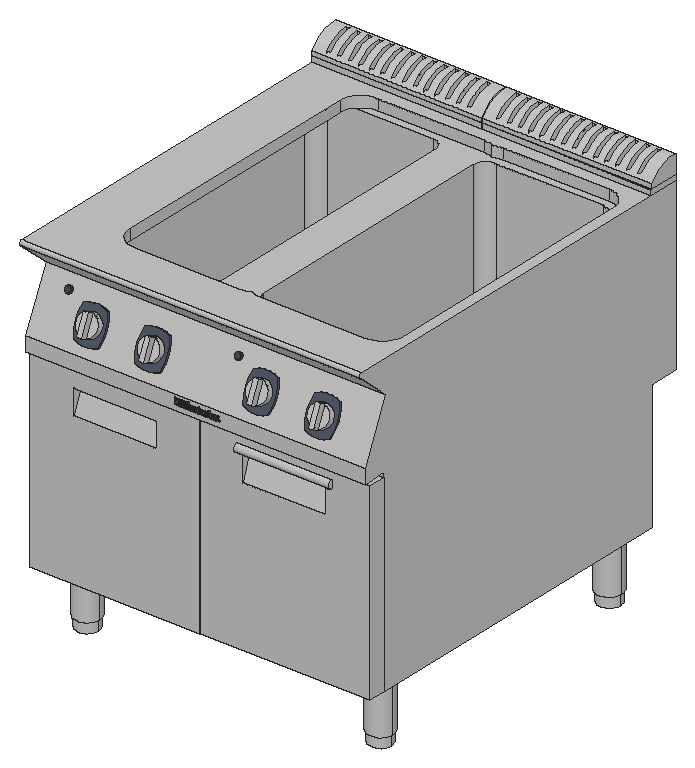
Revit family "QF_ELECTROLUXPROFESSIONAL_391411_E9OODSBAME", category Specialty Equipment, Revit 2018 (continued)
Automatic sketch dimensions
  Extrusion 5 sketch curve to Extrusion 5 sketch curve = 0.826 mm
  Extrusion 5 sketch curve to Extrusion 5 sketch curve = 0.839 mm
  Extrusion 5 sketch curve to Extrusion 5 sketch curve = 0.852 mm
  Extrusion 5 sketch curve to Extrusion 5 sketch curve = 0.887 mm
  Extrusion 5 sketch curve to Extrusion 5 sketch curve = 0.928 mm
  Extrusion 5 sketch curve to Extrusion 5 sketch curve = 0.938 mm
  Extrusion 5 sketch curve to Extrusion 5 sketch curve = 0.444 mm
  Extrusion 5 sketch curve to Extrusion 5 sketch curve = 1.11 mm  (x3)
  Extrusion 5 sketch curve to Extrusion 5 sketch curve = 0.215 mm
  Extrusion 5 sketch curve to Extrusion 5 sketch curve = 1.43 mm
  Extrusion 5 sketch curve to Extrusion 5 sketch curve = 1.188 mm
  Extrusion 5 sketch curve to Extrusion 5 sketch curve = 1.21 mm  (x2)
  Extrusion 5 sketch curve to Extrusion 5 sketch curve = 0.503 mm
  Extrusion 5 sketch curve to Extrusion 5 sketch curve = 0.488 mm
  Extrusion 5 sketch curve to Extrusion 5 sketch curve = 0.462 mm
  Extrusion 5 sketch curve to Extrusion 5 sketch curve = 1.386 mm
  Extrusion 5 sketch curve to Extrusion 5 sketch curve = 1.742 mm  (x2)
  Extrusion 5 sketch curve to Extrusion 5 sketch curve = 0.821 mm
  Extrusion 5 sketch curve to Extrusion 5 sketch curve = 0.497 mm
  Extrusion 5 sketch curve to Extrusion 5 sketch curve = 0.539 mm
  Extrusion 5 sketch curve to Extrusion 5 sketch curve = 0.199 mm
  Extrusion 5 sketch curve to Extrusion 5 sketch curve = 0.408 mm
  Extrusion 5 sketch curve to Extrusion 5 sketch curve = 0.528 mm
  Extrusion 5 sketch curve to Extrusion 5 sketch curve = 1.16 mm
  Extrusion 5 sketch curve to Extrusion 5 sketch curve = 0.329 mm
  Extrusion 5 sketch curve to Extrusion 5 sketch curve = 1.054 mm
  Extrusion 5 sketch curve to Extrusion 5 sketch curve = 1.056 mm
  Extrusion 5 sketch curve to Extrusion 5 sketch curve = 0.129 mm
  Extrusion 5 sketch curve to Extrusion 5 sketch curve = 0.489 mm
  Extrusion 5 sketch curve to Extrusion 5 sketch curve = 0.441 mm
  Extrusion 5 sketch curve to Extrusion 5 sketch curve = 1.151 mm
  Extrusion 5 sketch curve to Extrusion 5 sketch curve = 1.141 mm  (x2)
  Extrusion 5 sketch curve to Extrusion 5 sketch curve = 0.768 mm
  Extrusion 5 sketch curve to Extrusion 5 sketch curve = 1.653 mm
  Extrusion 5 sketch curve to Extrusion 5 sketch curve = 0.499 mm
  Extrusion 5 sketch curve to Extrusion 5 sketch curve = 0.964 mm
  Extrusion 5 sketch curve to Extrusion 5 sketch curve = 0.949 mm
  Extrusion 5 sketch curve to Extrusion 5 sketch curve = 1.345 mm  (x3)
  Extrusion 5 sketch curve to Extrusion 5 sketch curve = 1.101 mm
  Extrusion 5 sketch curve to Extrusion 5 sketch curve = 0.432 mm
  Extrusion 5 sketch curve to Extrusion 5 sketch curve = 1.142 mm
  Extrusion 5 sketch curve to Extrusion 5 sketch curve = 0.959 mm
  Extrusion 5 sketch curve to Extrusion 5 sketch curve = 0.176 mm
  Extrusion 5 sketch curve to Extrusion 5 sketch curve = 0.728 mm
  Extrusion 5 sketch curve to Extrusion 5 sketch curve = 3.375 mm  (x2)
  Extrusion 5 sketch curve to Extrusion 5 sketch curve = 0.541 mm
  Extrusion 5 sketch curve to Extrusion 5 sketch curve = 0.955 mm
  Extrusion 5 sketch curve to Extrusion 5 sketch curve = 1.251 mm
  Extrusion 5 sketch curve to Extrusion 5 sketch curve = 0.572 mm
  Extrusion 5 sketch curve to Extrusion 5 sketch curve = 1.92 mm
  Extrusion 5 sketch curve to Extrusion 5 sketch curve = 1.224 mm
  Extrusion 5 sketch curve to Extrusion 5 sketch curve = 0.745 mm
  Extrusion 5 sketch curve to Extrusion 5 sketch curve = 2.537 mm
  Extrusion 5 sketch curve to Extrusion 5 sketch curve = 0.896 mm  (x3)
  Extrusion 5 sketch curve to Extrusion 5 sketch curve = 0.036 mm
  Extrusion 5 sketch curve to Extrusion 5 sketch curve = 2.607 mm
  Extrusion 5 sketch curve to Extrusion 5 sketch curve = 0.066 mm
  Extrusion 5 sketch curve to Extrusion 5 sketch curve = 0.248 mm
  Extrusion 5 sketch curve to Extrusion 5 sketch curve = 0.449 mm
  Extrusion 5 sketch curve to Extrusion 5 sketch curve = 1.052 mm
  Extrusion 5 sketch curve to Extrusion 5 sketch curve = 1.863 mm
  Extrusion 5 sketch curve to Extrusion 5 sketch curve = 1.31 mm  (x2)
  Extrusion 5 sketch curve to Extrusion 5 sketch curve = 0.901 mm
  Extrusion 5 sketch curve to Extrusion 5 sketch curve = 1.107 mm
  Extrusion 5 sketch curve to Extrusion 5 sketch curve = 2.122 mm
  Extrusion 5 sketch curve to Extrusion 5 sketch curve = 2.101 mm
  Extrusion 5 sketch curve to Extrusion 5 sketch curve = 0.106 mm
  Extrusion 5 sketch curve to Extrusion 5 sketch curve = 0.029 mm
  Extrusion 5 sketch curve to Extrusion 5 sketch curve = 2.09 mm
  Extrusion 5 sketch curve to Extrusion 5 sketch curve = 1.279 mm
  Extrusion 5 sketch curve to Extrusion 5 sketch curve = 2.008 mm
  Extrusion 5 sketch curve to Extrusion 5 sketch curve = 0.738 mm
  Extrusion 5 sketch curve to Extrusion 5 sketch curve = 0.382 mm
  Extrusion 5 sketch curve to Extrusion 5 sketch curve = 0.384 mm
  Extrusion 5 sketch curve to Extrusion 5 sketch curve = 0.002 mm
  Extrusion 5 sketch curve to Extrusion 5 sketch curve = 0.561 mm
  Extrusion 5 sketch curve to Extrusion 5 sketch curve = 0.592 mm
  Extrusion 5 sketch curve to Extrusion 5 sketch curve = 2.692 mm
  Extrusion 5 sketch curve to Extrusion 5 sketch curve = 1.259 mm
  Extrusion 5 sketch curve to Extrusion 5 sketch curve = 0.802 mm
  Extrusion 5 sketch curve to Extrusion 5 sketch curve = 1.024 mm  (x2)
  Extrusion 5 sketch curve to Extrusion 5 sketch curve = 0.682 mm
  Extrusion 5 sketch curve to Extrusion 5 sketch curve = 5.934 mm
  Extrusion 5 sketch curve to Extrusion 5 sketch curve = 2.186 mm
  Extrusion 5 sketch curve to Extrusion 5 sketch curve = 0.337 mm
  Extrusion 5 sketch curve to Extrusion 5 sketch curve = 0.021 mm
  Extrusion 5 sketch curve to Extrusion 5 sketch curve = 1.005 mm
  Extrusion 5 sketch curve to Extrusion 5 sketch curve = 0.552 mm
  Extrusion 5 sketch curve to Extrusion 5 sketch curve = 0.778 mm
  Extrusion 5 sketch curve to Extrusion 5 sketch curve = 0.063 mm
  Extrusion 5 sketch curve to Extrusion 5 sketch curve = 1.023 mm
  Extrusion 5 sketch curve to Extrusion 5 sketch curve = 3.804 mm
  Extrusion 5 sketch curve to Extrusion 5 sketch curve = 0.486 mm
  Extrusion 5 sketch curve to Extrusion 5 sketch curve = 0.266 mm
  Extrusion 5 sketch curve to Extrusion 5 sketch curve = 1.547 mm
  Extrusion 5 sketch curve to Extrusion 5 sketch curve = 0.717 mm  (x2)
  Extrusion 5 sketch curve to Extrusion 5 sketch curve = 1.667 mm
  Extrusion 5 sketch curve to Extrusion 5 sketch curve = 3.174 mm
  Extrusion 5 sketch curve to Extrusion 5 sketch curve = 0.388 mm
  Extrusion 5 sketch curve to Extrusion 5 sketch curve = 1.342 mm
  Extrusion 5 sketch curve to Extrusion 5 sketch curve = 1.521 mm
  Extrusion 5 sketch curve to Extrusion 5 sketch curve = 0.124 mm
  Extrusion 5 sketch curve to Extrusion 5 sketch curve = 0.291 mm
  Extrusion 5 sketch curve to Extrusion 5 sketch curve = 1.049 mm  (x2)
  Extrusion 5 sketch curve to Extrusion 5 sketch curve = 1.7 mm
  Extrusion 5 sketch curve to Extrusion 5 sketch curve = 0.894 mm
  Extrusion 5 sketch curve to Extrusion 5 sketch curve = 0.989 mm
  Extrusion 5 sketch curve to Extrusion 5 sketch curve = 1.168 mm
  Extrusion 5 sketch curve to Extrusion 5 sketch curve = 1.594 mm
  Extrusion 5 sketch curve to Extrusion 5 sketch curve = 0.731 mm
  Extrusion 5 sketch curve to Extrusion 5 sketch curve = 1.566 mm
  Extrusion 5 sketch curve to Extrusion 5 sketch curve = 0.064 mm
  Extrusion 5 sketch curve to Extrusion 5 sketch curve = 0.556 mm  (x2)
  Extrusion 5 sketch curve to Extrusion 5 sketch curve = 0.48 mm
  Extrusion 5 sketch curve to Extrusion 5 sketch curve = 1.018 mm
  Extrusion 5 sketch curve to Extrusion 5 sketch curve = 0.787 mm
  Extrusion 5 sketch curve to Extrusion 5 sketch curve = 0.618 mm
  Extrusion 5 sketch curve to Extrusion 5 sketch curve = 1.672 mm
  Extrusion 5 sketch curve to Extrusion 5 sketch curve = 1.361 mm
  Extrusion 5 sketch curve to Extrusion 5 sketch curve = 0.822 mm
  Extrusion 5 sketch curve to Extrusion 5 sketch curve = 0.069 mm
  Extrusion 5 sketch curve to Extrusion 5 sketch curve = 1.88 mm
  Extrusion 5 sketch curve to Extrusion 5 sketch curve = 0.42 mm
  Extrusion 5 sketch curve to Extrusion 5 sketch curve = 0.062 mm
  Extrusion 5 sketch curve to Extrusion 5 sketch curve = 1.355 mm
  Extrusion 5 sketch curve to Extrusion 5 sketch curve = 2.34 mm
  Extrusion 5 sketch curve to Extrusion 5 sketch curve = 0.493 mm
  Extrusion 5 sketch curve to Extrusion 5 sketch curve = 0.136 mm
  Extrusion 5 sketch curve to Extrusion 5 sketch curve = 0.128 mm
  Extrusion 5 sketch curve to Extrusion 5 sketch curve = 3.616 mm
  Extrusion 5 sketch curve to Extrusion 5 sketch curve = 4.207 mm
  Extrusion 5 sketch curve to Extrusion 5 sketch curve = 0.183 mm
  Extrusion 5 sketch curve to Extrusion 5 sketch curve = 0.895 mm
  Extrusion 5 sketch curve to Extrusion 5 sketch curve = 1.314 mm
  Extrusion 5 sketch curve to Extrusion 5 sketch curve = 3.231 mm
  Extrusion 5 sketch curve to Extrusion 5 sketch curve = 1.299 mm
  Extrusion 5 sketch curve to Extrusion 5 sketch curve = 1.214 mm
  Extrusion 5 sketch curve to Extrusion 5 sketch curve = 1.264 mm
  Extrusion 5 sketch curve to Extrusion 5 sketch curve = 0.109 mm
  Extrusion 5 sketch curve to Extrusion 5 sketch curve = 0.357 mm
  Extrusion 5 sketch curve to Extrusion 5 sketch curve = 0.565 mm
  Extrusion 5 sketch curve to Extrusion 5 sketch curve = 2.504 mm
  Extrusion 5 sketch curve to Extrusion 5 sketch curve = 2.459 mm
  Extrusion 1 to Extrusion 5 sketch curve = 5.127 mm
  Extrusion 1 to Extrusion 5 sketch curve = 343.464 mm
  Extrusion 5 sketch curve to Extrusion 5 sketch curve = 0.208 mm
  Extrusion 5 sketch curve to Extrusion 5 sketch curve = 0.468 mm  (x2)
  Extrusion 5 sketch curve to Extrusion 5 sketch curve = 1.559 mm
  Extrusion 5 sketch curve to Extrusion 5 sketch curve = 0.422 mm  (x2)
  Extrusion 5 sketch curve to Extrusion 5 sketch curve = 0.494 mm
  Extrusion 5 sketch curve to Extrusion 5 sketch curve = 3.927 mm
  Extrusion 5 sketch curve to Extrusion 5 sketch curve = 0.782 mm
  Extrusion 5 sketch curve to Extrusion 5 sketch curve = 1.268 mm
  Extrusion 5 sketch curve to Extrusion 5 sketch curve = 0.671 mm
  Extrusion 5 sketch curve to Extrusion 5 sketch curve = 0.777 mm
  Extrusion 5 sketch curve to Extrusion 5 sketch curve = 0.704 mm
  Extrusion 5 sketch curve to Extrusion 5 sketch curve = 0.781 mm  (x2)
  Extrusion 5 sketch curve to Extrusion 5 sketch curve = 1.634 mm
  Extrusion 5 sketch curve to Extrusion 5 sketch curve = 0.132 mm
  Extrusion 5 sketch curve to Extrusion 5 sketch curve = 3.136 mm
  Extrusion 5 sketch curve to Extrusion 5 sketch curve = 2.422 mm
  Extrusion 5 sketch curve to Extrusion 5 sketch curve = 0.586 mm
  Extrusion 5 sketch curve to Extrusion 5 sketch curve = 2.046 mm  (x2)
  Extrusion 5 sketch curve to Extrusion 5 sketch curve = 1.241 mm
  Extrusion 5 sketch curve to Extrusion 5 sketch curve = 1.689 mm
  Extrusion 5 sketch curve to Extrusion 5 sketch curve = 2.859 mm
  Extrusion 5 sketch curve to Extrusion 5 sketch curve = 0.627 mm
  Extrusion 5 sketch curve to Extrusion 5 sketch curve = 0.863 mm
  Extrusion 5 sketch curve to Extrusion 5 sketch curve = 0.419 mm
  Extrusion 5 sketch curve to Extrusion 5 sketch curve = 1.514 mm
  Extrusion 5 sketch curve to Extrusion 5 sketch curve = 1.019 mm
  Extrusion 5 sketch curve to Extrusion 5 sketch curve = 0.065 mm
  Extrusion 5 sketch curve to Extrusion 5 sketch curve = 1.215 mm
  Extrusion 5 sketch curve to Extrusion 5 sketch curve = 2.708 mm
  Extrusion 5 sketch curve to Extrusion 5 sketch curve = 1.122 mm
  Extrusion 5 sketch curve to Extrusion 5 sketch curve = 1.153 mm
  Extrusion 5 sketch curve to Extrusion 5 sketch curve = 3.009 mm
  Extrusion 5 sketch curve to Extrusion 5 sketch curve = 0.829 mm  (x2)
  Extrusion 5 sketch curve to Extrusion 5 sketch curve = 0.934 mm
  Extrusion 5 sketch curve to Extrusion 5 sketch curve = 3.376 mm
  Extrusion 5 sketch curve to Extrusion 5 sketch curve = 0.222 mm
  Extrusion 5 sketch curve to Extrusion 5 sketch curve = 1.383 mm
  Extrusion 5 sketch curve to Extrusion 5 sketch curve = 1.556 mm
  Extrusion 5 sketch curve to Extrusion 5 sketch curve = 2.559 mm
  Extrusion 5 sketch curve to Extrusion 5 sketch curve = 2.51 mm
  Extrusion 5 sketch curve to Extrusion 5 sketch curve = 0.131 mm
  Extrusion 5 sketch curve to Extrusion 5 sketch curve = 1.717 mm
  Extrusion 5 sketch curve to Extrusion 5 sketch curve = 1.134 mm
  Extrusion 5 sketch curve to Extrusion 5 sketch curve = 0.366 mm
  Extrusion 5 sketch curve to Extrusion 5 sketch curve = 0.094 mm
  Extrusion 5 sketch curve to Extrusion 5 sketch curve = 1.584 mm
  Extrusion 5 sketch curve to Extrusion 5 sketch curve = 1.501 mm
  Extrusion 5 sketch curve to Extrusion 5 sketch curve = 0.27 mm
  Extrusion 5 sketch curve to Extrusion 5 sketch curve = 1.808 mm
  Extrusion 5 sketch curve to Extrusion 5 sketch curve = 0.643 mm
  Extrusion 5 sketch curve to Extrusion 5 sketch curve = 0.916 mm
  Extrusion 5 sketch curve to Extrusion 5 sketch curve = 0.352 mm
  Extrusion 5 sketch curve to Extrusion 5 sketch curve = 0.458 mm
  Extrusion 5 sketch curve to Extrusion 5 sketch curve = 1.282 mm
  Extrusion 5 sketch curve to Extrusion 5 sketch curve = 1.363 mm
  Extrusion 5 sketch curve to Extrusion 5 sketch curve = 0.685 mm
  Extrusion 5 sketch curve to Extrusion 5 sketch curve = 0.905 mm
  Extrusion 5 sketch curve to Extrusion 5 sketch curve = 2.865 mm
  Extrusion 5 sketch curve to Extrusion 5 sketch curve = 0.472 mm
  Extrusion 5 sketch curve to Extrusion 5 sketch curve = 0.101 mm
  Extrusion 5 sketch curve to Extrusion 5 sketch curve = 0.54 mm
  Extrusion 5 sketch curve to Extrusion 5 sketch curve = 0.02 mm
  Extrusion 5 sketch curve to Extrusion 5 sketch curve = 0.582 mm
  Extrusion 5 sketch curve to Extrusion 5 sketch curve = 0.166 mm
  Extrusion 5 sketch curve to Extrusion 5 sketch curve = 0.16 mm
  Extrusion 5 sketch curve to Extrusion 5 sketch curve = 2.781 mm
  Extrusion 5 sketch curve to Extrusion 5 sketch curve = 1.118 mm
  Extrusion 5 sketch curve to Extrusion 5 sketch curve = 0.613 mm
  Extrusion 5 sketch curve to Extrusion 5 sketch curve = 0.361 mm
  Extrusion 5 sketch curve to Extrusion 5 sketch curve = 0.897 mm
  Extrusion 5 sketch curve to Extrusion 5 sketch curve = 0.167 mm
  Extrusion 5 sketch curve to Extrusion 5 sketch curve = 0.292 mm
  Extrusion 5 sketch curve to Extrusion 5 sketch curve = 0.305 mm
  Extrusion 5 sketch curve to Extrusion 5 sketch curve = 1.557 mm
  Extrusion 5 sketch curve to Extrusion 5 sketch curve = 2.499 mm
  Extrusion 5 sketch curve to Extrusion 5 sketch curve = 3.062 mm
  Extrusion 5 sketch curve to Extrusion 5 sketch curve = 2.968 mm
  Extrusion 5 sketch curve to Extrusion 5 sketch curve = 5.044 mm
  Extrusion 5 sketch curve to Extrusion 5 sketch curve = 0.629 mm  (x2)
  Extrusion 5 sketch curve to Extrusion 5 sketch curve = 1.131 mm
  Extrusion 5 sketch curve to Extrusion 5 sketch curve = 0.137 mm
  Extrusion 5 sketch curve to Extrusion 5 sketch curve = 0.027 mm
  Extrusion 5 sketch curve to Extrusion 5 sketch curve = 2.235 mm
  Extrusion 6 sketch curve to plane 10 "TOP A" = 0 mm
  Extrusion 6 sketch curve to plane 1 "BACK" = 0 mm
  plane 10 "TOP A" to Extrusion 6 sketch curve = 12.9 mm
  Extrusion 6 sketch curve to plane 12 = 54.11 mm
  Extrusion 7 sketch curve to plane 1 "BACK" = 0 mm
  Extrusion 7 sketch curve to plane 6 "TOP" = 0 mm
  plane 1 "BACK" to Extrusion 7 sketch curve = 4.947 mm
  plane 10 "TOP A" to Extrusion 7 sketch curve = 23.3 mm
  plane 1 "BACK" to Extrusion 7 sketch curve = 69.85 mm
  plane 10 "TOP A" to Extrusion 7 sketch curve = 12.9 mm
  plane 1 "BACK" to Extrusion 8 sketch curve = 6.761 mm  (x14)
  plane 17 to Extrusion 8 sketch curve = 0.513 mm
  Extrusion 8 sketch curve to plane 16 = 1.61 mm
  plane 16 to Extrusion 8 sketch curve = 14.583 mm
  Extrusion 8 sketch curve to Extrusion 8 sketch curve = 57.15 mm
  Extrusion 8 sketch curve to Extrusion 8 sketch curve = 0 mm  (x13)
  Extrusion 8 sketch curve to plane 16 = 10.905 mm
  plane 20 to Extrusion 8 sketch curve = 0.191 mm
  Extrusion 8 sketch curve to plane 20 = 16.001 mm
  Extrusion 8 sketch curve to Extrusion 8 sketch curve = 9.296 mm  (x12)
  Extrusion 8 sketch curve to plane 17 = 15.68 mm
  Extrusion 8 sketch curve to Extrusion 8 sketch curve = 16.193 mm  (x9)
  Extrusion 9 sketch curve to plane 10 "TOP A" = 0 mm
  Extrusion 9 sketch curve to plane 1 "BACK" = 0 mm
  plane 10 "TOP A" to Extrusion 9 sketch curve = 12.9 mm
  Extrusion 9 sketch curve to plane 12 = 54.11 mm
  Extrusion 10 sketch curve to plane 1 "BACK" = 0 mm
  Extrusion 10 sketch curve to plane 6 "TOP" = 0 mm
  plane 1 "BACK" to Extrusion 10 sketch curve = 4.947 mm
  plane 10 "TOP A" to Extrusion 10 sketch curve = 23.3 mm
  plane 1 "BACK" to Extrusion 10 sketch curve = 69.85 mm
  plane 10 "TOP A" to Extrusion 10 sketch curve = 12.9 mm
  plane 1 "BACK" to Extrusion 11 sketch curve = 6.761 mm  (x14)
  plane 18 to Extrusion 11 sketch curve = 1.487 mm
  Extrusion 11 sketch curve to plane 19 = 0.56 mm
  Extrusion 11 sketch curve to Extrusion 11 sketch curve = 57.15 mm
  Extrusion 11 sketch curve to Extrusion 11 sketch curve = 0 mm  (x13)
  Extrusion 11 sketch curve to plane 15 = 6.001 mm
  plane 19 to Extrusion 11 sketch curve = 15.633 mm
  Extrusion 11 sketch curve to Extrusion 11 sketch curve = 9.296 mm  (x13)
  Extrusion 11 sketch curve to Extrusion 11 sketch curve = 16.193 mm  (x10)
  plane 21 to Extrusion 11 sketch curve = 0.191 mm
  Extrusion 12 sketch curve to Extrusion 1 = 0 mm  (x2)
  Extrusion 1 to Extrusion 12 sketch curve = 399.088 mm
  Extrusion 12 sketch curve to Extrusion 12 sketch curve = 1.825 mm
  Extrusion 13 sketch curve to plane 5 "FRONT" = 30 mm
  Extrusion 13 sketch curve to Extrusion 13 sketch curve = 21.813 mm
  Extrusion 13 sketch curve to plane 9 "BASE" = 97.43 mm
  Extrusion 13 sketch curve to plane 9 "BASE" = 37.5 mm
  Extrusion 14 sketch curve to plane 5 "FRONT" = 30 mm
  Extrusion 14 sketch curve to Extrusion 14 sketch curve = 21.813 mm
  Extrusion 14 sketch curve to plane 9 "BASE" = 37.5 mm
  Extrusion 14 sketch curve to Extrusion 14 sketch curve = 59.93 mm
  Extrusion 15 sketch curve to plane 5 "FRONT" = 30 mm
  Extrusion 15 sketch curve to plane 9 "BASE" = 17.595 mm
  Extrusion 15 sketch curve to Extrusion 15 sketch curve = 9.905 mm
  plane 13 to Extrusion 16 sketch curve = 0 mm
  Extrusion 16 sketch curve to plane 20 = 10 mm
  Extrusion 16 sketch curve to Extrusion 16 sketch curve = 0 mm  (x4)
  Extrusion 16 sketch curve to plane 17 = 10 mm  (x2)
  Extrusion 16 sketch curve to plane 7 "Center Y" = 75 mm  (x2)
  Extrusion 16 sketch curve to Extrusion 16 sketch curve = 30 mm
  Extrusion 16 sketch curve to Extrusion 16 sketch curve = 133.357 mm
  Extrusion 17 sketch curve to plane 13 = 163.357 mm
  Extrusion 17 sketch curve to plane 17 = 10 mm
  Extrusion 17 sketch curve to Extrusion 17 sketch curve = 30 mm  (x2)
  plane 12 to Extrusion 17 sketch curve = 25.89 mm  (x2)
  Extrusion 17 sketch curve to plane 12 = 4.11 mm
  Extrusion 17 sketch curve to plane 7 "Center Y" = 75 mm
  plane 7 "Center Y" to Extrusion 18 sketch curve = 25 mm
  plane 13 to Extrusion 18 sketch curve = 20 mm
  Extrusion 18 sketch curve to Extrusion 18 sketch curve = 50 mm  (x2)
  Extrusion 18 sketch curve to plane 12 = 24.11 mm
  plane 18 to Extrusion 18 sketch curve = 12 mm  (x2)
  Extrusion 18 sketch curve to plane 15 = 20 mm
  Extrusion 19 sketch curve to plane 15 = 0 mm  (x2)
  plane 13 to Extrusion 19 sketch curve = 0 mm
  plane 18 to Extrusion 19 sketch curve = 12 mm  (x2)
  plane 7 "Center Y" to Extrusion 19 sketch curve = 75 mm  (x2)
  Extrusion 19 sketch curve to Extrusion 19 sketch curve = 30 mm
  Extrusion 19 sketch curve to Extrusion 19 sketch curve = 0 mm  (x3)
  Extrusion 19 sketch curve to Extrusion 19 sketch curve = 133.357 mm
  Extrusion 20 sketch curve to plane 15 = 0 mm
  Extrusion 20 sketch curve to plane 12 = 4.11 mm
  plane 18 to Extrusion 20 sketch curve = 12 mm
  plane 12 to Extrusion 20 sketch curve = 25.89 mm
  plane 7 "Center Y" to Extrusion 20 sketch curve = 45 mm
  Extrusion 20 sketch curve to plane 8 "Center X" = 141.643 mm  (x2)
  Extrusion 20 sketch curve to Extrusion 20 sketch curve = 30 mm
  Extrusion 21 sketch curve to plane 17 = 39.333 mm
  Extrusion 21 sketch curve to Extrusion 21 sketch curve = 0 mm
  Extrusion 21 sketch curve to Extrusion 21 sketch curve = 12.3 mm  (x3)
  Extrusion 21 sketch curve to Extrusion 21 sketch curve = 34.925 mm  (x2)
  Extrusion 21 sketch curve to plane 17 = 13.606 mm
  Extrusion 21 sketch curve to Extrusion 21 sketch curve = 46.691 mm
  Extrusion 21 sketch curve to Extrusion 21 sketch curve = 26.344 mm
  Extrusion 21 sketch curve to Extrusion 21 sketch curve = 28.57 mm
  Extrusion 23 sketch curve to Extrusion 23 sketch curve = 24.732 mm
  Extrusion 23 sketch curve to Extrusion 23 sketch curve = 0 mm
  Split face 1 sketch curve to Split face 1 sketch curve = 9.684 mm
  Split face 1 sketch curve to Split face 1 sketch curve = 18.622 mm
  Split face 1 sketch curve to Split face 1 sketch curve = 2.959 mm
  Split face 1 sketch curve to Split face 1 sketch curve = 21.994 mm
  Split face 1 sketch curve to Split face 1 sketch curve = 5.035 mm
  Split face 1 sketch curve to Split face 1 sketch curve = 10.085 mm
  Split face 1 sketch curve to Split face 1 sketch curve = 5.244 mm
  Split face 2 sketch curve to Split face 2 sketch curve = 9.635 mm
  Split face 2 sketch curve to Split face 2 sketch curve = 17.821 mm
  Split face 2 sketch curve to Split face 2 sketch curve = 4.557 mm
  Split face 2 sketch curve to Split face 2 sketch curve = 14.42 mm
  Split face 2 sketch curve to Split face 2 sketch curve = 22.055 mm
  Split face 2 sketch curve to Split face 2 sketch curve = 3.318 mm
  Extrusion 24 sketch curve to plane 16 = 17.333 mm
  Extrusion 24 sketch curve to Extrusion 24 sketch curve = 0 mm
  Extrusion 24 sketch curve to Extrusion 24 sketch curve = 12.3 mm  (x3)
  Extrusion 24 sketch curve to Extrusion 24 sketch curve = 34.925 mm  (x2)
  plane 16 to Extrusion 24 sketch curve = 8.394 mm
  Extrusion 24 sketch curve to Extrusion 24 sketch curve = 46.691 mm
  Extrusion 24 sketch curve to plane 16 = 17.95 mm
  Extrusion 24 sketch curve to Extrusion 24 sketch curve = 25.114 mm
  Extrusion 26 sketch curve to Extrusion 26 sketch curve = 24.732 mm
  Extrusion 26 sketch curve to Extrusion 26 sketch curve = 0 mm
  Split face 3 sketch curve to Split face 3 sketch curve = 9.684 mm
  Split face 3 sketch curve to Split face 3 sketch curve = 18.622 mm
  Split face 3 sketch curve to Split face 3 sketch curve = 2.959 mm
  Split face 3 sketch curve to Split face 3 sketch curve = 21.994 mm
  Split face 3 sketch curve to Split face 3 sketch curve = 5.035 mm
  Split face 3 sketch curve to Split face 3 sketch curve = 10.085 mm
  Split face 3 sketch curve to Split face 3 sketch curve = 5.244 mm
  Split face 4 sketch curve to Split face 4 sketch curve = 9.635 mm
  Split face 4 sketch curve to Split face 4 sketch curve = 17.821 mm
  Split face 4 sketch curve to Split face 4 sketch curve = 4.557 mm
  Split face 4 sketch curve to Split face 4 sketch curve = 14.42 mm
  Split face 4 sketch curve to Split face 4 sketch curve = 22.055 mm
  Split face 4 sketch curve to Split face 4 sketch curve = 3.318 mm
  Extrusion 27 sketch curve to plane 17 = 0 mm
  plane 7 "Center Y" to Extrusion 28 sketch curve = 104.333 mm
  Extrusion 28 sketch curve to Extrusion 28 sketch curve = 0 mm
  Extrusion 28 sketch curve to Extrusion 28 sketch curve = 12.3 mm  (x3)
  Extrusion 28 sketch curve to Extrusion 28 sketch curve = 34.925 mm  (x2)
  Extrusion 28 sketch curve to Extrusion 28 sketch curve = 46.691 mm
  Extrusion 28 sketch curve to Extrusion 28 sketch curve = 0.617 mm
  Extrusion 28 sketch curve to Extrusion 28 sketch curve = 28.57 mm
  Extrusion 28 sketch curve to Extrusion 28 sketch curve = 29.185 mm
  Extrusion 30 sketch curve to Extrusion 30 sketch curve = 24.732 mm
  Extrusion 30 sketch curve to Extrusion 30 sketch curve = 0 mm
  Split face 5 sketch curve to Split face 5 sketch curve = 9.684 mm
  Split face 5 sketch curve to Split face 5 sketch curve = 18.622 mm
  Split face 5 sketch curve to Split face 5 sketch curve = 2.959 mm
  Split face 5 sketch curve to Split face 5 sketch curve = 21.994 mm
  Split face 5 sketch curve to Split face 5 sketch curve = 5.035 mm
  Split face 5 sketch curve to Split face 5 sketch curve = 10.085 mm
  Split face 5 sketch curve to Split face 5 sketch curve = 5.244 mm
  Split face 6 sketch curve to Split face 6 sketch curve = 9.635 mm
  Split face 6 sketch curve to Split face 6 sketch curve = 17.821 mm
  Split face 6 sketch curve to Split face 6 sketch curve = 4.557 mm
  Split face 6 sketch curve to Split face 6 sketch curve = 14.42 mm
  Split face 6 sketch curve to Split face 6 sketch curve = 22.055 mm
  Split face 6 sketch curve to Split face 6 sketch curve = 3.318 mm
  Extrusion 31 sketch curve to plane 19 = 16.333 mm
  plane 18 to Extrusion 31 sketch curve = 29.292 mm
  Extrusion 31 sketch curve to Extrusion 31 sketch curve = 0 mm
  Extrusion 31 sketch curve to Extrusion 31 sketch curve = 12.3 mm
  plane 18 to Extrusion 31 sketch curve = 4.178 mm
  Extrusion 31 sketch curve to Extrusion 31 sketch curve = 34.925 mm  (x2)
  plane 19 to Extrusion 31 sketch curve = 9.394 mm
  Extrusion 31 sketch curve to Extrusion 31 sketch curve = 46.691 mm
  Extrusion 31 sketch curve to plane 19 = 16.95 mm
  plane 18 to Extrusion 31 sketch curve = 29.905 mm
  Extrusion 33 sketch curve to Extrusion 33 sketch curve = 24.732 mm
  Extrusion 33 sketch curve to Extrusion 33 sketch curve = 0 mm
  Split face 7 sketch curve to Split face 7 sketch curve = 9.684 mm
  Split face 7 sketch curve to Split face 7 sketch curve = 18.622 mm
  Split face 7 sketch curve to Split face 7 sketch curve = 2.959 mm
  Split face 7 sketch curve to Split face 7 sketch curve = 21.994 mm
  Split face 7 sketch curve to Split face 7 sketch curve = 5.035 mm
  Split face 7 sketch curve to Split face 7 sketch curve = 10.085 mm
  Split face 7 sketch curve to Split face 7 sketch curve = 5.244 mm
  Split face 8 sketch curve to Split face 8 sketch curve = 9.635 mm
  Split face 8 sketch curve to Split face 8 sketch curve = 17.821 mm
  Split face 8 sketch curve to Split face 8 sketch curve = 4.557 mm
  Split face 8 sketch curve to Split face 8 sketch curve = 14.42 mm
  Split face 8 sketch curve to Split face 8 sketch curve = 22.055 mm
  Split face 8 sketch curve to Split face 8 sketch curve = 3.318 mm
  plane 7 "Center Y" to Extrusion 34 sketch curve = 65 mm
  Extrusion 35 sketch curve to plane 16 = 0 mm
  Extrusion 35 sketch curve to plane 13 = 20 mm
  Extrusion 36 sketch curve to plane 17 = 0 mm
  Extrusion 36 sketch curve to plane 13 = 97 mm
  Extrusion 37 sketch curve to plane 18 = 0 mm
  Extrusion 37 sketch curve to plane 13 = 100 mm
  Extrusion 38 sketch curve to plane 19 = 0 mm
  Extrusion 38 sketch curve to plane 13 = 20 mm
  plane 12 to Extrusion 39 sketch curve = 25.89 mm  (x2)
  plane 7 "Center Y" to Extrusion 39 sketch curve = 80 mm
  plane 13 to Extrusion 39 sketch curve = 20 mm
  plane 7 "Center Y" to Extrusion 39 sketch curve = 30 mm
  Extrusion 39 sketch curve to plane 12 = 24.11 mm
  plane 16 to Extrusion 39 sketch curve = 52 mm  (x2)
  Revolve 40 sketch curve to level = 0 mm
  Revolve 40 sketch curve to plane 11 = 0 mm  (x2)
  Revolve 40 sketch curve to plane 20 = 0 mm  (x2)
  level to Revolve 40 sketch curve = 25 mm
  plane 11 to Revolve 40 sketch curve = 20 mm
  Revolve 40 sketch curve to plane 20 = 26.25 mm
  plane 3 "LEFT" to Revolve 40 sketch curve = 25 mm
  Revolve 41 sketch curve to level = 0 mm
  Revolve 41 sketch curve to plane 11 = 0 mm  (x2)
  plane 20 to Revolve 41 sketch curve = 0 mm
  Revolve 41 sketch curve to plane 20 = 0 mm
  level to Revolve 41 sketch curve = 25 mm
  plane 11 to Revolve 41 sketch curve = 20 mm
  Revolve 41 sketch curve to plane 20 = 26.25 mm
  plane 3 "LEFT" to Revolve 41 sketch curve = 25 mm
  Revolve 42 sketch curve to level = 0 mm
  Revolve 42 sketch curve to plane 11 = 0 mm  (x2)
  Revolve 42 sketch curve to plane 21 = 0 mm
  plane 21 to Revolve 42 sketch curve = 0 mm
  level to Revolve 42 sketch curve = 25 mm
  plane 11 to Revolve 42 sketch curve = 20 mm
  Revolve 42 sketch curve to plane 15 = 16.25 mm
  Revolve 42 sketch curve to plane 15 = 20 mm
  Revolve 43 sketch curve to level = 0 mm
  Revolve 43 sketch curve to plane 11 = 0 mm  (x2)
  plane 21 to Revolve 43 sketch curve = 0 mm  (x2)
  level to Revolve 43 sketch curve = 25 mm
  plane 11 to Revolve 43 sketch curve = 20 mm
  Revolve 43 sketch curve to plane 15 = 16.25 mm
  Revolve 43 sketch curve to plane 15 = 20 mm
  radius of Extrusion 22 sketch curve = 25.4 mm
  radius of Extrusion 23 sketch curve to Extrusion 22 = 0 mm  (x2)
  radius of Extrusion 25 sketch curve = 25.4 mm
  radius of Extrusion 26 sketch curve to Extrusion 25 = 0 mm  (x2)
  radius of Extrusion 27 sketch curve = 7.5 mm
  radius of Extrusion 29 sketch curve = 25.4 mm
  radius of Extrusion 30 sketch curve to Extrusion 29 = 0 mm  (x2)
  radius of Extrusion 32 sketch curve = 25.4 mm
  radius of Extrusion 33 sketch curve to Extrusion 32 = 0 mm  (x2)
  radius of Extrusion 34 sketch curve = 7.5 mm
  radius of Extrusion 35 sketch curve = 12.7 mm
  radius of Extrusion 36 sketch curve = 6.35 mm
  radius of Extrusion 37 sketch curve = 9.525 mm
  radius of Extrusion 38 sketch curve = 12.7 mm
Connectors
  piping at (737, -700, 200), diameter 19
    settings: on Extrusion 37, index 1, connector inside diameter 0.74803", connector length 0 mm, flow factor 0, pipe flow 0 GPM, pressure drop 0.00 psi, fitting loss kfactor 0, connector angle 0.00°, fixture units 0, engagement length 0 mm, angle of deflection 0.00°, flow configuration 1, flow direction 1, fitting loss method 0, system type 20, joint type 0, gender type 0, connector reference index -1, connector utility 0, adjustable connector no, is connector primary yes, connector description "WATER INLET"
  piping at (633, -780, 176), diameter 25.4
    settings: on Extrusion 38, index 2, connector inside diameter 1", connector length 0 mm, flow factor 0, pipe flow 0 GPM, pressure drop 0.00 psi, fitting loss kfactor 0, connector angle 0.00°, fixture units 0, engagement length 0 mm, angle of deflection 0.00°, flow configuration 1, flow direction 2, fitting loss method 0, system type 16, joint type 0, gender type 0, connector reference index -1, connector utility 0, adjustable connector no, is connector primary no, connector description "DRAIN"
  piping at (232, -780, 176), diameter 25.4
    settings: on Extrusion 35, index 3, connector inside diameter 1", connector length 0 mm, flow factor 0, pipe flow 0 GPM, pressure drop 0.00 psi, fitting loss kfactor 0, connector angle 0.00°, fixture units 0, engagement length 0 mm, angle of deflection 0.00°, flow configuration 1, flow direction 2, fitting loss method 0, system type 16, joint type 0, gender type 0, connector reference index -1, connector utility 0, adjustable connector no, is connector primary no, connector description "DRAIN"
  piping at (65, -703, 190), diameter 12.8
    settings: on Extrusion 36, index 4, connector inside diameter 0.50394", connector length 0 mm, flow factor 0, pipe flow 0 GPM, pressure drop 0.00 psi, fitting loss kfactor 0, connector angle 0.00°, fixture units 0, engagement length 0 mm, angle of deflection 0.00°, flow configuration 1, flow direction 1, fitting loss method 0, system type 7, joint type 0, gender type 0, connector reference index -1, connector utility 0, adjustable connector no, is connector primary no, connector description "GAS CONNECTION"
